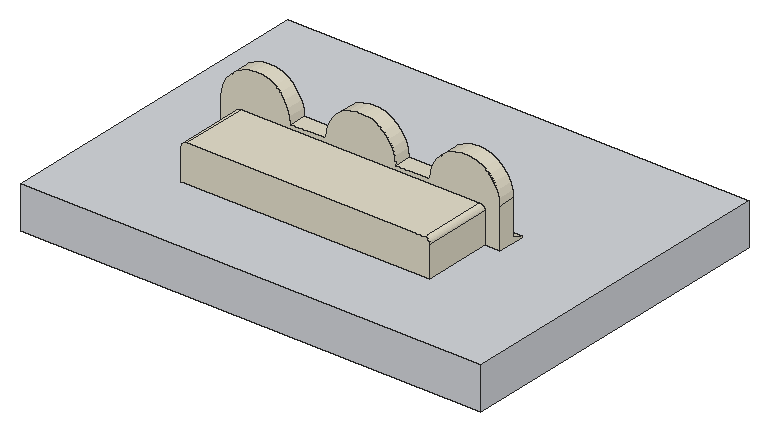
Revit family
Parameters (values of type "3772-1")
  Waste Connection = yes
  WFU = 0
  Vent Connection = no
  VP - Vinylclad Enclosure (Gray (Std.), Black, White) = no
  URL = "http://www.acorneng.com/uploads/fileLibrary/3772.pdf"
  Type Comments = ""
  Tempered Water Connection = no
  ST - Single Temperature Valve = no
  SPX - 16 Gage Stainless Steel Enclosure = no
  SO-BAT - Sensor Operation, Battery Powered (Batteries Not Included) = no
  SO - Sensor Operation = no
  SES - Scalloped Enclosure Style = no
  Revised Date = "19/06/2014"
  RSS - Right Side Splash (Only Available with -ECR) = no
  RSA - Right Sidde Apron (Only Available with -ECR) = no
  RLD - Molded-in "D" Shape Corterra Basin (Specify Punching for -9, Valve by Others) = no
  Phone# = "626-336-4561"
  PDM - Metering Liquid Soap Dispenser = no
  PBE - Pushbutton Electronic Metering = no
  OCC - Optional Corterra Color - Specify:__ = no
  Model = "3772-1"
  Material = Default
  Manufacturer = "Acorn "
  LSS - Left Side Splash (Only Available with -ECL) = no
  LSA - Left Side Apron (Only Avilable with -ECL) = no
  JH31 - 31" Junior Rim Height (Not ADA Complaint Except as -1-JH-SES) = no
  HWFU = 0
  HW Connection = yes
  H - Hand Operation = no
  ECR - Extended Countertop - Right Hand, Specify ____ (120" maximum overall width) = no
  ECL - Extended Countertop - Left Hand, Specify ____ (120" maximum overall width) = no
  Designed By = "ATS"
  Description = "Acorn "
  Default Elevation = 34"
  CWFU = 0
  CW Connection = yes
  CSG - 4" Centerset Faucet with Gooseneck Spout & Wrist Blade Handles includes -RLD & H34 = no
  Assembly Code = "D2010400"
  9 - Less Spreayhead and Valves (Only Available with - RLD Basin) = no
  3773 - Meridian Corterra Curved Front Tri-Basin = yes
  2 - On-Floor, Wall Outlet = no
  1 - Off-Floor, Wall Outlet = no
Reference planes (in)
  plane 1 "Center (Front/Back)": y = 0
  plane 2: z = 0
  plane 3 "Center (Left/Right)": x = 0
  plane 4: x = 15
  plane 5: x = -15
  plane 6: x = 25
  plane 7: x = -25
  plane 8: y = -34
  plane 9: y = -24.5
  plane 10: x = 5
  plane 11: x = -5
  plane 12: y = 5.75
  plane 13: z = 21.5
  plane 14: y = -4.75
  plane 15: y = 3
  plane 16: x = 30
  plane 17: x = 45
  plane 18: x = 55
  plane 19: y = -14
  plane 20: y = -22
  plane 21: x = 11.5
  plane 22: x = 17.5
  plane 23: x = 12.5
  plane 24: z = 10.375
  plane 25: x = 50.642
  plane 26: x = -20.642
  plane 27: x = 18.5
Forms (in)
  Extrusion 1, solid
    sketch origin (0, 0, 0) x (1, 0, 0) y (0, 1, 0)
      loop
        line (-48, 48) -> (-48, -48) -> (84.0231, -48) -> (84.0231, 48) -> (-48, 48)
    from 0 to -12
  Extrusion 2, solid, material "Bone"
    sketch origin (0, 0, 0) x (1, 0, 0) y (0, 0, 1)
      loop
        line (-25, 0) -> (55, 0) -> (55, 11.5)
        arc (55, 11.5) -> (45, 21.5) -> (35, 11.5) r 10
        line (35, 11.5) -> (25, 11.5)
        arc (25, 11.5) -> (15, 21.5) -> (5, 11.5) r 10
        line (5, 11.5) -> (-5, 11.5)
        arc (-5, 11.5) -> (-15, 21.5) -> (-25, 11.5) r 10
        line (-25, 11.5) -> (-25, 0)
    from 0 to 4.75
  Sweep 3, void
    path origin (0, 0, 0) x (1, 0, 0) y (0, 0, 1)
      loop
        circle (15, 11.5) r 8.25
    profile origin (15, 0, 3.25) x (0, 0, 1) y (0, -1, 0)
      loop
        line (0, 0) -> (8, 0) -> (8, 3.25) -> (4.36289, 3.25)
        arc (4.36289, 3.25) -> (1.64272, 2.3482) -> (0, 0) r 4.55343
  Sweep 4, void
    path origin (0, 0, 0) x (-1, 0, 0) y (0, 0, 1)
      loop
        circle (15, 11.5) r 8.25
    profile origin (-15, 0, 3.25) x (0, 0, -1) y (0, -1, 0)
      loop
        arc (0, 0) -> (-1.64272, 2.3482) -> (-4.36289, 3.25) r 4.55343
        line (-4.36289, 3.25) -> (-8, 3.25) -> (-8, 0) -> (0, 0)
  Extrusion 5, void
    sketch origin (0, 0, 0) x (1, 0, 0) y (0, 0, 1)
      loop
        circle (-15, 11.50467) r 0.75
      loop
        circle (15, 11.50467) r 0.75
      loop
        circle (45, 11.50467) r 0.75
    from 0 to 4.45927
  Extrusion 6, solid, material "Bone"
    sketch origin (0, 0, 0) x (0, 1, 0) y (0, 0, 1)
      loop
        line (3, 0.0769) -> (3, 0.42433)
        arc (3, 0.42433) -> (2.98082, 0.48706) -> (2.92984, 0.52835) r 0.11218
        line (2.92984, 0.52835) -> (0, 1.71208) -> (0, 0) -> (2.9231, 0)
        arc (2.9231, 0) -> (2.97748, 0.02252) -> (3, 0.0769) r 0.0769
    from -25 to 55
  Extrusion 7, solid, material "Bone"
    sketch origin (0.29538, 0, 0) x (0, 1, 0) y (0, 0, -1)
      loop
        line (2.69854, -0.6218) -> (0, -1.71208) -> (0, -2.81375)
        arc (0, -2.81375) -> (0.59598, -3.22773) -> (1.12205, -3.72756) r 4.7556
        arc (1.12205, -3.72756) -> (3.12033, -7.52003) -> (3.05878, -11.8063) r 8.67526
        arc (3.05878, -11.8063) -> (3.08693, -11.94907) -> (3.21741, -12.01351) r 0.16432
        line (3.21741, -12.01351) -> (5.23826, -12.01351)
        arc (5.23826, -12.01351) -> (5.59962, -11.86409) -> (5.74994, -11.5031) r 0.51168
        arc (5.74994, -11.5031) -> (4.97956, -5.85064) -> (2.69854, -0.6218) r 20.74283
    from 13.29538 to 17.29538
  Extrusion 8, void
    sketch origin (0, 0, 0) x (1, 0, 0) y (0, 0, 1)
      loop
        line (-13.39845, 10.45684) -> (-13, 0.6218) -> (-12.73494, 0.6218) -> (-12.73494, 12.75) -> (-17.26506, 12.75) -> (-17.26506, 0.6218) -> (-17, 0.6218) -> (-16.60155, 10.45684)
        arc (-16.60155, 10.45684) -> (-15, 11.99482) -> (-13.39845, 10.45684) r 1.60287
    from -6.75547 to 0
  Extrusion 9, solid, material "Bone"
    sketch origin (-0.29538, 0, 0) x (0, 1, 0) y (0, 0, 1)
      loop
        arc (2.69854, 0.6218) -> (4.97956, 5.85064) -> (5.74994, 11.5031) r 20.74283
        arc (5.74994, 11.5031) -> (5.59962, 11.86409) -> (5.23826, 12.01351) r 0.51168
        line (5.23826, 12.01351) -> (3.21741, 12.01351)
        arc (3.21741, 12.01351) -> (3.08693, 11.94907) -> (3.05878, 11.8063) r 0.16432
        arc (3.05878, 11.8063) -> (3.12033, 7.52003) -> (1.12205, 3.72756) r 8.67526
        arc (1.12205, 3.72756) -> (0.59598, 3.22773) -> (0, 2.81375) r 4.7556
        line (0, 2.81375) -> (0, 1.71208) -> (2.69854, 0.6218)
    from 13.29538 to 17.29538
  Extrusion 10, void
    sketch origin (0, 0, 0) x (-1, 0, 0) y (0, 0, -1)
      loop
        arc (-13.39845, -10.45684) -> (-15, -11.99482) -> (-16.60155, -10.45684) r 1.60287
        line (-16.60155, -10.45684) -> (-17, -0.6218) -> (-17.26506, -0.6218) -> (-17.26506, -12.75) -> (-12.73494, -12.75) -> (-12.73494, -0.6218) -> (-13, -0.6218) -> (-13.39845, -10.45684)
    from -6.75547 to 0
  Sweep 11, void
    path origin (60, 0, 0) x (-1, 0, 0) y (0, 0, 1)
      loop
        circle (15, 11.5) r 8.25
    profile origin (45, 0, 3.25) x (0, 0, -1) y (0, -1, 0)
      loop
        arc (0, 0) -> (-1.64272, 2.3482) -> (-4.36289, 3.25) r 4.55343
        line (-4.36289, 3.25) -> (-8, 3.25) -> (-8, 0) -> (0, 0)
  Extrusion 12, solid, material "Bone"
    sketch origin (60.29538, 0, 0) x (0, 1, 0) y (0, 0, -1)
      loop
        line (2.69854, -0.6218) -> (0, -1.71208) -> (0, -2.81375)
        arc (0, -2.81375) -> (0.59598, -3.22773) -> (1.12205, -3.72756) r 4.7556
        arc (1.12205, -3.72756) -> (3.12033, -7.52003) -> (3.05878, -11.8063) r 8.67526
        arc (3.05878, -11.8063) -> (3.08693, -11.94907) -> (3.21741, -12.01351) r 0.16432
        line (3.21741, -12.01351) -> (5.23826, -12.01351)
        arc (5.23826, -12.01351) -> (5.59962, -11.86409) -> (5.74994, -11.5031) r 0.51168
        arc (5.74994, -11.5031) -> (4.97956, -5.85064) -> (2.69854, -0.6218) r 20.74283
    from 13.29538 to 17.29538
  Extrusion 13, void
    sketch origin (60, 0, 0) x (1, 0, 0) y (0, 0, 1)
      loop
        line (-13.39845, 10.45684) -> (-13, 0.6218) -> (-12.73494, 0.6218) -> (-12.73494, 12.75) -> (-17.26506, 12.75) -> (-17.26506, 0.6218) -> (-17, 0.6218) -> (-16.60155, 10.45684)
        arc (-16.60155, 10.45684) -> (-15, 11.99482) -> (-13.39845, 10.45684) r 1.60287
    from -6.75547 to 0
  Extrusion 14, solid
    sketch origin (0, 0, 0) x (1, 0, 0) y (0, 1, 0)
      loop
        circle (18.5, -14) r 0.75
    from -0.09965 to 0.15289
  Extrusion 15, solid
    sketch origin (0, 0, 0) x (1, 0, 0) y (0, 1, 0)
      loop
        circle (17.5, -22) r 0.25
      loop
        circle (12.5, -22) r 0.25
    from -0.09965 to 0.15289
  Extrusion 16, solid, material "Bone"
    sketch origin (0, 0, 0) x (1, 0, 0) y (0, 0, 1)
      loop
        arc (-19.11075, 10.375) -> (-20.19351, 9.92651) -> (-20.642, 8.84375) r 1.53125
        line (-20.642, 8.84375) -> (-20.642, 0) -> (50.642, 0) -> (50.642, 8.84375)
        arc (50.642, 8.84375) -> (50.19351, 9.92651) -> (49.11075, 10.375) r 1.53125
        line (49.11075, 10.375) -> (-19.11075, 10.375)
    from 0 to 24.5
Cuts and joins
  Sweep 3, Sweep 4, Extrusion 5, Extrusion 8, Extrusion 10, Sweep 11, Extrusion 13 cuts Extrusion 2
  Extrusion 8, Extrusion 10 cuts Extrusion 7
  Extrusion 10, Sweep 11, Extrusion 13 cuts Extrusion 9
  Extrusion 13 cuts Extrusion 12
  joined: Extrusion 2, Extrusion 6, Extrusion 7, Extrusion 9, Extrusion 12, Extrusion 16
Lines and regions (in)
  Split face 1
    outline origin (49.11075, -24.5, 10.375) x (0, 1, 0) y (-1, 0, 0)
      loop
        line (0, 9.62475) -> (19.75, 9.62475)
      loop
        line (0, 11.90875) -> (19.75, 11.90875)
      loop
        line (0, 26.31375) -> (19.75, 26.31375)
      loop
        line (0, 28.59775) -> (19.75, 28.59775)
      loop
        line (0, 58.59675) -> (19.75, 58.59675)
      loop
        line (0, 56.31275) -> (19.75, 56.31275)
      loop
        line (0, 41.90775) -> (19.75, 41.90775)
      loop
        line (0, 39.62375) -> (19.75, 39.62375)
Dimensions and locks (in)
  plane 5 to plane 3 "Center (Left/Right)" = 15"
  plane 5 to plane 7 = 10"
  plane 8 to plane 1 "Center (Front/Back)" = 34"
  plane 1 "Center (Front/Back)" to plane 9 = 24 1/2"  (x2)
  plane 12 to plane 1 "Center (Front/Back)" = 5 3/4"
  plane 1 "Center (Front/Back)" to plane 8 = 34"
  plane 13 to plane 2 = 21 1/2"  (x2)
  plane 7 to plane 6 = 50"
  plane 1 "Center (Front/Back)" to plane 14 = 4 3/4"
  plane 15 to plane 1 "Center (Front/Back)" = 3"
  plane 3 "Center (Left/Right)" to plane 4 = 15"
  plane 4 to plane 16 = 15"
  plane 16 to plane 17 = 15"
  plane 17 to plane 18 = 10"
  plane 19 to plane 8 = 20"
  plane 20 to plane 8 = 12"
  plane 21 to plane 4 = 3 1/2"
  plane 4 to plane 22 = 2 1/2"
  Extrusion 1 to plane 24 = 10 3/8"
  plane 25 to plane 26 = 71.284"
  plane 9 to plane 8 = 9 1/2"
  Split face 1 to plane 25 = 11.156"
  Split face 1 to Split face 1 = 2.284"  (x4)
  Split face 1 to Split face 1 = 14.405"  (x2)
  Split face 1 to Split face 1 = 11.026"
  cut or joined group of Extrusion 2, Sweep 3, Sweep 4, Extrusion 5, Extrusion 6, Extrusion 7, Extrusion 8, Extrusion 9, Extrusion 10, Sweep 11, Extrusion 12, Extrusion 13, Extrusion 16 to Split face 1 = 11.156"
  aligned and locked: Extrusion 1 to plane 2
  aligned and locked: Extrusion 1 to level
Connectors (in)
  piping at (18.5, -14, -0.09965)
    settings: on Extrusion 14, index 1
  piping at (12.5, -22, -0.09965)
    settings: on Extrusion 15, index 2
  piping at (17.5, -22, -0.09965)
    settings: on Extrusion 15, index 3
